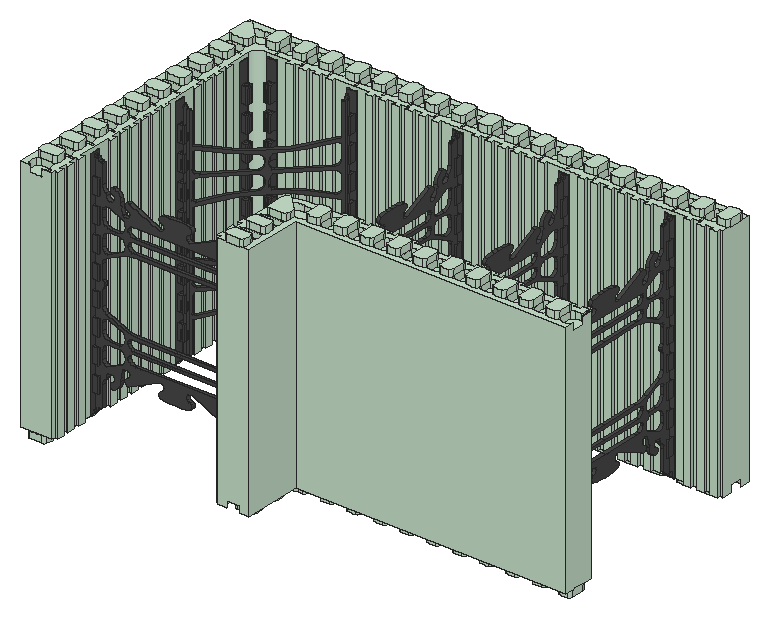
Revit family (continued)
Dimensions and locks (in)
  aligned and locked: cut or joined group of Extrusion 1, Extrusion 4, Extrusion 5, Extrusion 6, Extrusion 7, Extrusion 8, Extrusion 9, Extrusion 10, Extrusion 11, Extrusion 12, Extrusion 13, Extrusion 14, Extrusion 15, Extrusion 16, Extrusion 17, Extrusion 18, Extrusion 19, Extrusion 20, Extrusion 21, Extrusion 22, Extrusion 23, Extrusion 24, Extrusion 25, Extrusion 26, Extrusion 27, Extrusion 28, Extrusion 29, Extrusion 30, Extrusion 31, Extrusion 32, Extrusion 33, Extrusion 34, Extrusion 35, Extrusion 36, Extrusion 37, Extrusion 38, Extrusion 39, Extrusion 40, Extrusion 41, Extrusion 42, Extrusion 43, Extrusion 44, Extrusion 45, Extrusion 46, Extrusion 47, Extrusion 48, Extrusion 49, Extrusion 50, Extrusion 51, Extrusion 52, Extrusion 53, Extrusion 54, Extrusion 55, Extrusion 56, Extrusion 57, Extrusion 58, Extrusion 59, Extrusion 60, Extrusion 61, Extrusion 62, Extrusion 63, Extrusion 64, Extrusion 65, Extrusion 66, Extrusion 67, Extrusion 68, Extrusion 69, Extrusion 70, Extrusion 71, Extrusion 72, Extrusion 73, Extrusion 76, Extrusion 77, Extrusion 78, Extrusion 79, Extrusion 80, Extrusion 81, Extrusion 82, Extrusion 83, Extrusion 84, Extrusion 85, Extrusion 86, Extrusion 87 to nested 98
Nested families (in)
  nested 1: "Interlock Tooth" at (-3, -5, 0) x (0, -1, 0) z (0, 0, 1), type "Interlock Tooth"
  nested 2: "Interlock Tooth" at (-3, -3, 0) x (0, -1, 0) z (0, 0, 1), type "Interlock Tooth"
  nested 3: "Interlock Tooth" at (-3, -1, 0) x (0, -1, 0) z (0, 0, 1), type "Interlock Tooth"
  nested 4: "Interlock Tooth" at (-3, 1, 0) x (0, -1, 0) z (0, 0, 1), type "Interlock Tooth"
  nested 5: "Interlock Tooth" at (-3, 3, 0) x (0, -1, 0) z (0, 0, 1), type "Interlock Tooth"
  nested 6: "Interlock Tooth" at (-3, 5, 0) x (0, -1, 0) z (0, 0, 1), type "Interlock Tooth"
  nested 7: "Interlock Tooth" at (3, -12, 0) x (0, -1, 0) z (0, 0, 1), type "Interlock Tooth"
  nested 8: "Interlock Tooth" at (3, -10, 0) x (0, -1, 0) z (0, 0, 1), type "Interlock Tooth"
  nested 9: "Interlock Tooth" at (3, -11, -18.5) x (0, -1, 0) z (0, 0, 1), type "Interlock Tooth"
  nested 10: "Interlock Tooth" at (3, -9, -18.5) x (0, -1, 0) z (0, 0, 1), type "Interlock Tooth"
  nested 11: "Interlock Tooth" at (-11.875, -6, -18.5) x (0, -1, 0) z (0, 0, 1), type "Interlock Tooth"
  nested 12: "Interlock Tooth" at (-11.875, -4, -18.5) x (0, -1, 0) z (0, 0, 1), type "Interlock Tooth"
  nested 13: "Interlock Tooth" at (-11.875, -2, -18.5) x (0, -1, 0) z (0, 0, 1), type "Interlock Tooth"
  nested 14: "Interlock Tooth" at (-11.875, 0, -18.5) x (0, -1, 0) z (0, 0, 1), type "Interlock Tooth"
  nested 15: "Interlock Tooth" at (-11.875, 2, -18.5) x (0, -1, 0) z (0, 0, 1), type "Interlock Tooth"
  nested 16: "Interlock Tooth" at (-11.875, 4, -18.5) x (0, -1, 0) z (0, 0, 1), type "Interlock Tooth"
  nested 17: "Interlock Tooth" at (-11.875, 6, -18.5) x (0, -1, 0) z (0, 0, 1), type "Interlock Tooth"
  nested 18: "Interlock Tooth" at (9, -3, 0), type "Interlock Tooth"
  nested 19: "Interlock Tooth" at (11, -3, 0), type "Interlock Tooth"
  nested 20: "Interlock Tooth" at (13, -3, 0), type "Interlock Tooth"
  nested 21: "Interlock Tooth" at (15, -3, 0), type "Interlock Tooth"
  nested 22: "Interlock Tooth" at (17, -3, 0), type "Interlock Tooth"
  nested 23: "Interlock Tooth" at (19, -3, 0), type "Interlock Tooth"
  nested 24: "Interlock Tooth" at (21, -3, 0), type "Interlock Tooth"
  nested 25: "Interlock Tooth" at (23, -3, 0), type "Interlock Tooth"
  nested 26: "Interlock Tooth" at (25, -3, 0), type "Interlock Tooth"
  nested 27: "Interlock Tooth" at (27, -3, 0), type "Interlock Tooth"
  nested 28: "Interlock Tooth" at (-6, 3, 0), type "Interlock Tooth"
  nested 29: "Interlock Tooth" at (-4, 3, 0), type "Interlock Tooth"
  nested 30: "Interlock Tooth" at (-2, 3, 0), type "Interlock Tooth"
  nested 31: "Interlock Tooth" at (0, 3, 0), type "Interlock Tooth"
  nested 32: "Interlock Tooth" at (2, 3, 0), type "Interlock Tooth"
  nested 33: "Interlock Tooth" at (4, 3, 0), type "Interlock Tooth"
  nested 34: "Interlock Tooth" at (6, 3, 0), type "Interlock Tooth"
  nested 35: "Interlock Tooth" at (8, 3, 0), type "Interlock Tooth"
  nested 36: "Interlock Tooth" at (10, 3, 0), type "Interlock Tooth"
  nested 37: "Interlock Tooth" at (12, 3, 0), type "Interlock Tooth"
  nested 38: "Interlock Tooth" at (14, 3, 0), type "Interlock Tooth"
  nested 39: "Interlock Tooth" at (16, 3, 0), type "Interlock Tooth"
  nested 40: "Interlock Tooth" at (18, 3, 0), type "Interlock Tooth"
  nested 41: "Interlock Tooth" at (20, 3, 0), type "Interlock Tooth"
  nested 42: "Interlock Tooth" at (22, 3, 0), type "Interlock Tooth"
  nested 43: "Interlock Tooth" at (10, -11.875, -18.5), type "Interlock Tooth"
  nested 44: "Interlock Tooth" at (12, -11.875, -18.5), type "Interlock Tooth"
  nested 45: "Interlock Tooth" at (14, -11.875, -18.5), type "Interlock Tooth"
  nested 46: "Interlock Tooth" at (16, -11.875, -18.5), type "Interlock Tooth"
  nested 47: "Interlock Tooth" at (18, -11.875, -18.5), type "Interlock Tooth"
  nested 48: "Interlock Tooth" at (20, -11.875, -18.5), type "Interlock Tooth"
  nested 49: "Interlock Tooth" at (22, -11.875, -18.5), type "Interlock Tooth"
  nested 50: "Interlock Tooth" at (24, -11.875, -18.5), type "Interlock Tooth"
  nested 51: "Interlock Tooth" at (26, -11.875, -18.5), type "Interlock Tooth"
  nested 52: "Interlock Tooth" at (28, -11.875, -18.5), type "Interlock Tooth"
  nested 53: "Interlock Tooth" at (-5, 3, -18.5), type "Interlock Tooth"
  nested 54: "Interlock Tooth" at (-3, 3, -18.5), type "Interlock Tooth"
  nested 55: "Interlock Tooth" at (-1, 3, -18.5), type "Interlock Tooth"
  nested 56: "Interlock Tooth" at (1, 3, -18.5), type "Interlock Tooth"
  nested 57: "Interlock Tooth" at (3, 3, -18.5), type "Interlock Tooth"
  nested 58: "Interlock Tooth" at (5, 3, -18.5), type "Interlock Tooth"
  nested 59: "Interlock Tooth" at (7, 3, -18.5), type "Interlock Tooth"
  nested 60: "Interlock Tooth" at (9, 3, -18.5), type "Interlock Tooth"
  nested 61: "Interlock Tooth" at (11, 3, -18.5), type "Interlock Tooth"
  nested 62: "Interlock Tooth" at (13, 3, -18.5), type "Interlock Tooth"
  nested 63: "Interlock Tooth" at (15, 3, -18.5), type "Interlock Tooth"
  nested 64: "Interlock Tooth" at (17, 3, -18.5), type "Interlock Tooth"
  nested 65: "Interlock Tooth" at (19, 3, -18.5), type "Interlock Tooth"
  nested 66: "Interlock Tooth" at (21, 3, -18.5), type "Interlock Tooth"
  nested 67: "NUDURA Diamond Pattern" at (21, -3, 0), type "NUDURA Diamond Pattern"
  nested 68: "NUDURA Diamond Pattern" at (21, 14.25, 0), type "NUDURA Diamond Pattern"
  nested 69: "NUDURA Diamond Pattern" at (5, 14.25, 0), type "NUDURA Diamond Pattern"
  nested 70: "Capture Lug" at (-5, 3, 0) x (-1, 0, 0) z (0, 0, 1), type "Capture Lugs"
  nested 71: "Capture Lug" at (-3, 5, 0) x (0, -1, 0) z (0, 0, 1), type "Capture Lugs"
  nested 72: "NUDURA Diamond Pattern Missing Two lines" at (3, -13, 0) x (0, 1, 0) z (0, 0, 1), type "NUDURA Diamond Pattern minus Two lines"
  nested 73: "NUDURA Diamond Pattern Missing Left Line" at (5, -3, 0), type "NUDURA Diamond Pattern missing left line"
  nested 74: "NUDURA Logo Diamond" at (5.00256, -8.625, 0), type "NUDURA Logo Diamond"
  nested 75: "NUDURA Logo Diamond" at (-8.625, 2.99744, 0) x (0, -1, 0) z (0, 0, 1), type "NUDURA Logo Diamond"
  nested 76: "NUDURA Logo Diamond" at (29, 8.625, 0) x (-1, 0, 0) z (0, 0, 1), type "NUDURA Logo Diamond"
  nested 77: "Interlock Tooth" at (-3, -7, 0) x (0, -1, 0) z (0, 0, 1), type "Interlock Tooth"
  nested 78: "Interlock Tooth" at (24, 3, 0), type "Interlock Tooth"
  nested 79: "Interlock Tooth" at (23, 3, -18.5), type "Interlock Tooth"
  nested 80: "Interlock Tooth" at (-11.875, -8, -18.5) x (0, -1, 0) z (0, 0, 1), type "Interlock Tooth"
  nested 81: "NUDURA Diamond Pattern" at (-3, 3, 0) x (0, -1, 0) z (0, 0, 1), type "NUDURA Diamond Pattern"
  nested 82: "NUDURA Logo Diamond" at (12.99744, 8.625, 0) x (-1, 0, 0) z (0, 0, 1), type "NUDURA Logo Diamond"
  nested 83: "Interlock Tooth" at (-3, -9, 0) x (0, -1, 0) z (0, 0, 1), type "Interlock Tooth"
  nested 84: "Interlock Tooth" at (-11.875, -10, -18.5) x (0, -1, 0) z (0, 0, 1), type "Interlock Tooth"
  nested 85: "Interlock Tooth" at (26, 3, 0), type "Interlock Tooth"
  nested 86: "Interlock Tooth" at (25, 3, -18.5), type "Interlock Tooth"
  nested 87: "Interlock Tooth" at (-3, -11, 0) x (0, -1, 0) z (0, 0, 1), type "Interlock Tooth"
  nested 88: "Interlock Tooth" at (-11.875, -12, -18.5) x (0, -1, 0) z (0, 0, 1), type "Interlock Tooth"
  nested 89: "Interlock Tooth" at (28, 3, 0), type "Interlock Tooth"
  nested 90: "Interlock Tooth" at (27, 3, -18.5), type "Interlock Tooth"
  nested 91: "12-inch Insert Web" at (17, 0, 0), type "12-inch Insert Web"
  nested 92: "12-inch Insert Web" at (25, 0, 0), type "12-inch Insert Web"
  nested 93: "12-inch Insert Web" at (9, 0, 0), type "12-inch Insert Web"
  nested 94: "12-inch Insert Web" at (0, -9, 0) x (0, 1, 0) z (0, 0, 1), type "12-inch Insert Web"
  nested 95: "Capture Lug" at (1, 3, 0) x (-1, 0, 0) z (0, 0, 1), type "Capture Lugs"
  nested 96: "Capture Lug" at (-3, -1, 0) x (0, -1, 0) z (0, 0, 1), type "Capture Lugs"
  nested 97: "NUDURA Diamond Pattern Missing Two lines" at (-1, 3, 0) x (-1, 0, 0) z (0, 0, 1), type "NUDURA Diamond Pattern minus Two lines"
  nested 98: "NUDURA Diamond Pattern Missing Two lines" at (-14.25, 1, 0) x (0, 1, 0) z (0, 0, 1), type "NUDURA Diamond Pattern minus Two lines"
  nested 99: "NUDURA 12-inch Corner Insert Web" at (-2.21678, 2.21769, 0.5) x (-0.7071, 0.7071, 0) z (0, 0, 1), type "NUDURA 12-inch Corner Insert Web"
Definition of nested family "Interlock Tooth"
  Reference planes (in)
    plane 1 "Center (Front/Back)": y = 0
    plane 2: z = 0
    plane 3 "Center (Left/Right)": x = 0
    plane 4: z = 18
    plane 5: z = 18.5
    plane 6: z = -0.5
  Forms (in)
    Extrusion 1, solid, material "NUDURA Expanded Polystyrene Foam Insulation"
      sketch origin (0, -8.875, 0) x (1, 0, 0) y (0, 1, 0)
        loop
          arc (0, 3.97692) -> (0.04785, 3.82983) -> (0.17308, 3.73905) r 0.25
          arc (0.17308, 3.73905) -> (0.5, 3.6875) -> (0.82692, 3.73905) r 1.0625
          arc (0.82692, 3.73905) -> (0.95215, 3.82983) -> (1, 3.97692) r 0.25
          line (1, 3.97692) -> (1, 4.89808)
          arc (1, 4.89808) -> (0.95215, 5.04517) -> (0.82692, 5.13595) r 0.25
          arc (0.82692, 5.13595) -> (0.5, 5.1875) -> (0.17308, 5.13595) r 1.0625
          arc (0.17308, 5.13595) -> (0.04785, 5.04517) -> (0, 4.89808) r 0.25
          line (0, 4.89808) -> (0, 3.97692)
      from 18 to 18.5
  Dimensions and locks (in)
    locked: plane 4 to level at 18
    locked: plane 4 to plane 5 at 0.5
    locked: plane 6 to level at 0.5
Definition of nested family "Capture Lug"
  Reference planes (in)
    plane 1 "Center (Front/Back)": y = 0
    plane 2: z = 0
    plane 3 "Center (Left/Right)": x = 0
  Forms (in)
    Extrusion 1, solid, material "High Density Polystyrene"
      sketch origin (0, 0, 0) x (0, 1, 0) y (0, 0, 1)
        loop
          arc (-3.25, 0) -> (-3.22112, 0.01975) -> (-3.21, 0.05292) r 0.055
          line (-3.21, 0.05292) -> (-3.21, 17.69292)
          arc (-3.21, 17.69292) -> (-3.22112, 17.72608) -> (-3.25, 17.74583) r 0.055
          line (-3.25, 17.74583) -> (-3.25, 0)
      from 0.36328 to -0.36328
    Extrusion 2, solid, material "High Density Polystyrene"
      sketch origin (0, 0, 0) x (0, 1, 0) y (0, 0, 1)
        loop
          line (-3.21, 16.17792) -> (-3.21, 14.97792) -> (-2.71, 14.97792) -> (-2.71, 16.17792) -> (-3.21, 16.17792)
        loop
          line (-3.21, 14.22792) -> (-3.21, 13.02792) -> (-2.71, 13.02792) -> (-2.71, 14.22792) -> (-3.21, 14.22792)
        loop
          line (-3.21, 12.27792) -> (-3.21, 11.07792) -> (-2.71, 11.07792) -> (-2.71, 12.27792) -> (-3.21, 12.27792)
        loop
          line (-3.21, 10.32792) -> (-3.21, 9.24792) -> (-2.71, 9.24792) -> (-2.71, 10.32792) -> (-3.21, 10.32792)
        loop
          line (-3.21, 8.49792) -> (-3.21, 7.41792) -> (-2.71, 7.41792) -> (-2.71, 8.49792) -> (-3.21, 8.49792)
        loop
          line (-3.21, 6.66792) -> (-3.21, 5.46792) -> (-2.71, 5.46792) -> (-2.71, 6.66792) -> (-3.21, 6.66792)
        loop
          line (-3.21, 4.71792) -> (-3.21, 3.51792) -> (-2.71, 3.51792) -> (-2.71, 4.71792) -> (-3.21, 4.71792)
        loop
          line (-3.21, 2.76792) -> (-3.21, 1.56792) -> (-2.71, 1.56792) -> (-2.71, 2.76792) -> (-3.21, 2.76792)
      from 0.25 to -0.25
    Extrusion 3, void
      sketch origin (0, 0, 0) x (1, 0, 0) y (0, 1, 0)
        loop
          arc (-0.25, -2.79249) -> (-0.22584, -2.73416) -> (-0.1675, -2.71) r 0.0825
          line (-0.1675, -2.71) -> (-0.25, -2.71) -> (-0.25, -2.79249)
      from 0 to 18
    Extrusion 4, void
      sketch origin (0, 0, 0) x (-1, 0, 0) y (0, -1, 0)
        loop
          line (-0.25, 2.79249) -> (-0.25, 2.71) -> (-0.1675, 2.71)
          arc (-0.1675, 2.71) -> (-0.22584, 2.73416) -> (-0.25, 2.79249) r 0.0825
      from 0 to 18
    Extrusion 5, void
      sketch origin (0, 0, 0) x (1, 0, 0) y (0, 1, 0)
        loop
          arc (-0.04687, -2.835) -> (0, -3.07587) -> (0.04688, -2.835) r 0.125
          line (0.04688, -2.835) -> (0.04688, -2.71) -> (-0.04687, -2.71) -> (-0.04687, -2.835)
      from 0 to 18
  Cuts and joins
    Extrusion 3, Extrusion 4 cuts Extrusion 1
    Extrusion 3, Extrusion 4, Extrusion 5 cuts Extrusion 2
Definition of nested family "12-inch Insert Web"
  Reference planes (in)
    plane 1 "Center (Front/Back)": y = 0
    plane 2: z = 0
    plane 3 "Center (Left/Right)": x = 0
  Forms (in)
    Extrusion 1, solid, material "High Density Polystyrene"
      sketch origin (0, 0, 0) x (0, 1, 0) y (0, 0, 1)
        loop
          line (6.25, 0) -> (6.25, 17.74583)
          arc (6.25, 17.74583) -> (6.22112, 17.72608) -> (6.21, 17.69292) r 0.055
          line (6.21, 17.69292) -> (6.21, 0.05292)
          arc (6.21, 0.05292) -> (6.22112, 0.01975) -> (6.25, 0) r 0.055
        loop
          arc (-6.25, 0) -> (-6.22112, 0.01975) -> (-6.21, 0.05292) r 0.055
          line (-6.21, 0.05292) -> (-6.21, 17.69292)
          arc (-6.21, 17.69292) -> (-6.22112, 17.72608) -> (-6.25, 17.74583) r 0.055
          line (-6.25, 17.74583) -> (-6.25, 0)
      from 0.36328 to -0.36328
    Extrusion 2, solid, material "High Density Polystyrene"
      sketch origin (0, 0, 0) x (0, 1, 0) y (0, 0, 1)
        loop
          arc (6.18889, 17.40785) -> (6.20374, 17.40241) -> (6.21, 17.38789) r 0.02
          line (6.21, 17.38789) -> (6.21, 17.63668)
          arc (6.21, 17.63668) -> (6.20585, 17.62147) -> (6.19457, 17.61045) r 0.03
          line (6.19457, 17.61045) -> (6.12543, 17.57204)
          arc (6.12543, 17.57204) -> (6.11414, 17.56103) -> (6.11, 17.54582) r 0.03
          line (6.11, 17.54582) -> (6.11, 17.42461)
          arc (6.11, 17.42461) -> (6.11625, 17.41008) -> (6.13111, 17.40464) r 0.02
          line (6.13111, 17.40464) -> (6.18889, 17.40785)
        loop
          line (-6.12543, 17.57204) -> (-6.19457, 17.61045)
          arc (-6.19457, 17.61045) -> (-6.20585, 17.62147) -> (-6.21, 17.63668) r 0.03
          line (-6.21, 17.63668) -> (-6.21, 17.38789)
          arc (-6.21, 17.38789) -> (-6.20374, 17.40241) -> (-6.18889, 17.40785) r 0.02
          line (-6.18889, 17.40785) -> (-6.13111, 17.40464)
          arc (-6.13111, 17.40464) -> (-6.11625, 17.41008) -> (-6.11, 17.42461) r 0.02
          line (-6.11, 17.42461) -> (-6.11, 17.54582)
          arc (-6.11, 17.54582) -> (-6.11414, 17.56103) -> (-6.12543, 17.57204) r 0.03
        loop
          line (6.18889, 0.33798) -> (6.13111, 0.34119)
          arc (6.13111, 0.34119) -> (6.11625, 0.33575) -> (6.11, 0.32122) r 0.02
          line (6.11, 0.32122) -> (6.11, 0.20001)
          arc (6.11, 0.20001) -> (6.11414, 0.1848) -> (6.12543, 0.17379) r 0.03
          line (6.12543, 0.17379) -> (6.19457, 0.13538)
          arc (6.19457, 0.13538) -> (6.20585, 0.12437) -> (6.21, 0.10915) r 0.03
          line (6.21, 0.10915) -> (6.21, 0.35795)
          arc (6.21, 0.35795) -> (6.20374, 0.34342) -> (6.18889, 0.33798) r 0.02
        loop
          arc (-6.12543, 0.17379) -> (-6.11414, 0.1848) -> (-6.11, 0.20001) r 0.03
          line (-6.11, 0.20001) -> (-6.11, 0.32122)
          arc (-6.11, 0.32122) -> (-6.11625, 0.33575) -> (-6.13111, 0.34119) r 0.02
          line (-6.13111, 0.34119) -> (-6.18889, 0.33798)
          arc (-6.18889, 0.33798) -> (-6.20374, 0.34342) -> (-6.21, 0.35795) r 0.02
          line (-6.21, 0.35795) -> (-6.21, 0.10915)
          arc (-6.21, 0.10915) -> (-6.20585, 0.12437) -> (-6.19457, 0.13538) r 0.03
          line (-6.19457, 0.13538) -> (-6.12543, 0.17379)
        loop
          line (6, 17.20772) -> (5.925, 17.43772)
          arc (5.925, 17.43772) -> (5.875, 17.46772) -> (5.825, 17.43772) r 0.05667
          line (5.825, 17.43772) -> (5.77609, 17.28772) -> (5.64893, 17.28772)
          arc (5.64893, 17.28772) -> (5.61433, 17.27339) -> (5.6, 17.2388) r 0.04893
          line (5.6, 17.2388) -> (5.6, 17.20772) -> (5.5, 17.20772) -> (5.5, 15.75595)
          arc (5.5, 15.75595) -> (5.43087, 15.489) -> (5.24086, 15.28915) r 0.55
          arc (5.24086, 15.28915) -> (5.19232, 15.23289) -> (5.1843, 15.15901) r 0.125
          arc (5.1843, 15.15901) -> (4.73923, 14.83241) -> (4.77171, 15.3835) r 0.305
          arc (4.77171, 15.3835) -> (4.89426, 15.66948) -> (4.60829, 15.79202) r 0.22
          arc (4.60829, 15.79202) -> (4.25428, 15.49683) -> (4.14171, 15.04986) r 0.745
          arc (4.14171, 15.04986) -> (4.09808, 14.63491) -> (3.96932, 14.23805) r 2
          arc (3.96932, 14.23805) -> (3.47025, 14.23431) -> (3.63581, 14.70513) r 0.305
          arc (3.63581, 14.70513) -> (3.78874, 15.03658) -> (3.43743, 15.1357) r 0.24
          line (3.43743, 15.1357) -> (1.31021, 14.13634)
          arc (1.31021, 14.13634) -> (0.87667, 14.28198) -> (1.07505, 14.69406) r 0.305
          arc (1.07505, 14.69406) -> (1.24991, 14.91838) -> (1.08783, 15.15211) r 0.24
          arc (1.08783, 15.15211) -> (0.76801, 15.23299) -> (0.43924, 15.2602) r 2
          line (0.43924, 15.2602) -> (0, 15.2602) -> (-0.43924, 15.2602)
          arc (-0.43924, 15.2602) -> (-0.76801, 15.23299) -> (-1.08783, 15.15211) r 2
          arc (-1.08783, 15.15211) -> (-1.24991, 14.91838) -> (-1.07505, 14.69406) r 0.24
          arc (-1.07505, 14.69406) -> (-0.87667, 14.28198) -> (-1.31021, 14.13634) r 0.305
          line (-1.31021, 14.13634) -> (-3.43743, 15.1357)
          arc (-3.43743, 15.1357) -> (-3.78874, 15.03658) -> (-3.63581, 14.70513) r 0.24
          arc (-3.63581, 14.70513) -> (-3.47025, 14.23431) -> (-3.96932, 14.23805) r 0.305
          arc (-3.96932, 14.23805) -> (-4.09808, 14.63491) -> (-4.14171, 15.04986) r 2
          arc (-4.14171, 15.04986) -> (-4.25428, 15.49683) -> (-4.60829, 15.79202) r 0.745
          arc (-4.60829, 15.79202) -> (-4.89426, 15.66948) -> (-4.77171, 15.3835) r 0.22
          arc (-4.77171, 15.3835) -> (-4.73923, 14.83241) -> (-5.1843, 15.15901) r 0.305
          arc (-5.1843, 15.15901) -> (-5.19232, 15.23289) -> (-5.24086, 15.28915) r 0.125
          arc (-5.24086, 15.28915) -> (-5.43087, 15.489) -> (-5.5, 15.75595) r 0.55
          line (-5.5, 15.75595) -> (-5.5, 17.20772) -> (-5.6, 17.20772) -> (-5.6, 17.2388)
          arc (-5.6, 17.2388) -> (-5.61433, 17.27339) -> (-5.64893, 17.28772) r 0.04893
          line (-5.64893, 17.28772) -> (-5.77609, 17.28772) -> (-5.825, 17.43772)
          arc (-5.825, 17.43772) -> (-5.875, 17.46772) -> (-5.925, 17.43772) r 0.05667
          line (-5.925, 17.43772) -> (-6, 17.20772) -> (-6, 0.66519) -> (-5.925, 0.43519)
          arc (-5.925, 0.43519) -> (-5.875, 0.40519) -> (-5.825, 0.43519) r 0.05667
          line (-5.825, 0.43519) -> (-5.77609, 0.58519) -> (-5.64893, 0.58519)
          arc (-5.64893, 0.58519) -> (-5.61433, 0.59952) -> (-5.6, 0.63412) r 0.04893
          line (-5.6, 0.63412) -> (-5.6, 0.66519) -> (-5.5, 0.66519) -> (-5.5, 2.24405)
          arc (-5.5, 2.24405) -> (-5.43087, 2.511) -> (-5.24086, 2.71085) r 0.55
          arc (-5.24086, 2.71085) -> (-5.19232, 2.76711) -> (-5.1843, 2.84099) r 0.125
          arc (-5.1843, 2.84099) -> (-4.73923, 3.16759) -> (-4.77171, 2.6165) r 0.305
          arc (-4.77171, 2.6165) -> (-4.89426, 2.33052) -> (-4.60829, 2.20798) r 0.22
          arc (-4.60829, 2.20798) -> (-4.25428, 2.50317) -> (-4.14171, 2.95014) r 0.745
          arc (-4.14171, 2.95014) -> (-4.09808, 3.36509) -> (-3.96932, 3.76195) r 2
          arc (-3.96932, 3.76195) -> (-3.47025, 3.76569) -> (-3.63581, 3.29487) r 0.305
          arc (-3.63581, 3.29487) -> (-3.78874, 2.96342) -> (-3.43743, 2.8643) r 0.24
          line (-3.43743, 2.8643) -> (-1.31021, 3.86366)
          arc (-1.31021, 3.86366) -> (-0.87667, 3.71802) -> (-1.07505, 3.30594) r 0.305
          arc (-1.07505, 3.30594) -> (-1.24991, 3.08162) -> (-1.08783, 2.84789) r 0.24
          arc (-1.08783, 2.84789) -> (-0.76801, 2.76701) -> (-0.43924, 2.7398) r 2
          line (-0.43924, 2.7398) -> (0, 2.7398) -> (0.43924, 2.7398)
          arc (0.43924, 2.7398) -> (0.76801, 2.76701) -> (1.08783, 2.84789) r 2
          arc (1.08783, 2.84789) -> (1.24991, 3.08162) -> (1.07505, 3.30594) r 0.24
          arc (1.07505, 3.30594) -> (0.87667, 3.71802) -> (1.31021, 3.86366) r 0.305
          line (1.31021, 3.86366) -> (3.43743, 2.8643)
          arc (3.43743, 2.8643) -> (3.78874, 2.96342) -> (3.63581, 3.29487) r 0.24
          arc (3.63581, 3.29487) -> (3.47025, 3.76569) -> (3.96932, 3.76195) r 0.305
          arc (3.96932, 3.76195) -> (4.09808, 3.36509) -> (4.14171, 2.95014) r 2
          arc (4.14171, 2.95014) -> (4.25428, 2.50317) -> (4.60829, 2.20798) r 0.745
          arc (4.60829, 2.20798) -> (4.89426, 2.33052) -> (4.77171, 2.6165) r 0.22
          arc (4.77171, 2.6165) -> (4.73923, 3.16759) -> (5.1843, 2.84099) r 0.305
          arc (5.1843, 2.84099) -> (5.19232, 2.76711) -> (5.24086, 2.71085) r 0.125
          arc (5.24086, 2.71085) -> (5.43087, 2.511) -> (5.5, 2.24405) r 0.55
          line (5.5, 2.24405) -> (5.5, 0.66519) -> (5.6, 0.66519) -> (5.6, 0.63412)
          arc (5.6, 0.63412) -> (5.61433, 0.59952) -> (5.64893, 0.58519) r 0.04893
          line (5.64893, 0.58519) -> (5.77609, 0.58519) -> (5.825, 0.43519)
          arc (5.825, 0.43519) -> (5.875, 0.40519) -> (5.925, 0.43519) r 0.05667
          line (5.925, 0.43519) -> (6, 0.66519) -> (6, 17.20772)
        loop
          arc (3.02319, 4.29202) -> (3.16251, 4.2877) -> (3.3013, 4.27477) r 2.25
          arc (3.3013, 4.27477) -> (3.48148, 4.41353) -> (3.6, 4.60763) r 0.62421
          line (3.6, 4.60763) -> (3.6, 4.73363)
          arc (3.6, 4.73363) -> (3.4551, 4.96314) -> (3.22579, 5.10835) r 0.61747
          line (3.22579, 5.10835) -> (0, 5.10835) -> (-3.22579, 5.10835)
          arc (-3.22579, 5.10835) -> (-3.4551, 4.96314) -> (-3.6, 4.73363) r 0.61747
          line (-3.6, 4.73363) -> (-3.6, 4.60763)
          arc (-3.6, 4.60763) -> (-3.48148, 4.41353) -> (-3.3013, 4.27477) r 0.62421
          arc (-3.3013, 4.27477) -> (-3.16251, 4.2877) -> (-3.02319, 4.29202) r 2.25
          line (-3.02319, 4.29202) -> (0, 4.29202) -> (3.02319, 4.29202)
        loop
          line (4.08806, 4.02826) -> (4.96605, 3.61736)
          arc (4.96605, 3.61736) -> (5.32627, 3.64059) -> (5.5, 3.95701) r 0.375
          line (5.5, 3.95701) -> (5.5, 4.48373)
          arc (5.5, 4.48373) -> (5.31694, 4.92567) -> (4.875, 5.10873) r 0.625
          line (4.875, 5.10873) -> (4.3, 5.10873)
          arc (4.3, 5.10873) -> (3.94645, 4.96229) -> (3.8, 4.60873) r 0.5
          line (3.8, 4.60873) -> (3.8, 4.48112)
          arc (3.8, 4.48112) -> (3.87812, 4.21276) -> (4.08806, 4.02826) r 0.5
        loop
          line (5.5, 5.91373) -> (5.5, 6.44046)
          arc (5.5, 6.44046) -> (5.32627, 6.75687) -> (4.96605, 6.78011) r 0.375
          line (4.96605, 6.78011) -> (4.08806, 6.36921)
          arc (4.08806, 6.36921) -> (3.87812, 6.18471) -> (3.8, 5.91635) r 0.5
          line (3.8, 5.91635) -> (3.8, 5.78873)
          arc (3.8, 5.78873) -> (3.94645, 5.43518) -> (4.3, 5.28873) r 0.5
          line (4.3, 5.28873) -> (4.875, 5.28873)
          arc (4.875, 5.28873) -> (5.31694, 5.47179) -> (5.5, 5.91373) r 0.625
        loop
          arc (3.30123, 6.1222) -> (3.16288, 6.10935) -> (3.02401, 6.10506) r 2.25
          line (3.02401, 6.10506) -> (0, 6.10506) -> (-3.02401, 6.10506)
          arc (-3.02401, 6.10506) -> (-3.16288, 6.10935) -> (-3.30123, 6.1222) r 2.25
          arc (-3.30123, 6.1222) -> (-3.48146, 5.98344) -> (-3.6, 5.7893) r 0.62421
          line (-3.6, 5.7893) -> (-3.6, 5.66335)
          arc (-3.6, 5.66335) -> (-3.45481, 5.43354) -> (-3.225, 5.28835) r 0.61747
          line (-3.225, 5.28835) -> (0, 5.28835) -> (3.225, 5.28835)
          arc (3.225, 5.28835) -> (3.45481, 5.43354) -> (3.6, 5.66335) r 0.61747
          line (3.6, 5.66335) -> (3.6, 5.7893)
          arc (3.6, 5.7893) -> (3.48146, 5.98344) -> (3.30123, 6.1222) r 0.62421
        loop
          arc (-4.08806, 4.02826) -> (-3.87812, 4.21276) -> (-3.8, 4.48112) r 0.5
          line (-3.8, 4.48112) -> (-3.8, 4.60873)
          arc (-3.8, 4.60873) -> (-3.94645, 4.96229) -> (-4.3, 5.10873) r 0.5
          line (-4.3, 5.10873) -> (-4.875, 5.10873)
          arc (-4.875, 5.10873) -> (-5.31694, 4.92567) -> (-5.5, 4.48373) r 0.625
          line (-5.5, 4.48373) -> (-5.5, 3.95701)
          arc (-5.5, 3.95701) -> (-5.32627, 3.64059) -> (-4.96605, 3.61736) r 0.375
          line (-4.96605, 3.61736) -> (-4.08806, 4.02826)
        loop
          arc (-5.5, 5.91373) -> (-5.31694, 5.47179) -> (-4.875, 5.28873) r 0.625
          line (-4.875, 5.28873) -> (-4.3, 5.28873)
          arc (-4.3, 5.28873) -> (-3.94645, 5.43518) -> (-3.8, 5.78873) r 0.5
          line (-3.8, 5.78873) -> (-3.8, 5.91635)
          arc (-3.8, 5.91635) -> (-3.87812, 6.18471) -> (-4.08806, 6.36921) r 0.5
          line (-4.08806, 6.36921) -> (-4.96605, 6.78011)
          arc (-4.96605, 6.78011) -> (-5.32627, 6.75687) -> (-5.5, 6.44046) r 0.375
          line (-5.5, 6.44046) -> (-5.5, 5.91373)
        loop
          line (5.5, 7.54678) -> (5.5, 8.68765) -> (5.38, 8.88765) -> (5.38, 9) -> (5.38, 9.11235) -> (5.5, 9.31235) -> (5.5, 10.45322)
          arc (5.5, 10.45322) -> (5.42188, 10.72158) -> (5.21194, 10.90608) r 0.5
          line (5.21194, 10.90608) -> (3.95372, 11.49492)
          arc (3.95372, 11.49492) -> (3.48851, 11.65338) -> (3, 11.70705) r 2.25
          line (3, 11.70705) -> (0, 11.70705) -> (-3, 11.70705)
          arc (-3, 11.70705) -> (-3.48851, 11.65338) -> (-3.95372, 11.49492) r 2.25
          line (-3.95372, 11.49492) -> (-5.21194, 10.90608)
          arc (-5.21194, 10.90608) -> (-5.42188, 10.72158) -> (-5.5, 10.45322) r 0.5
          line (-5.5, 10.45322) -> (-5.5, 9.31235) -> (-5.38, 9.11235) -> (-5.38, 9) -> (-5.38, 8.88765) -> (-5.5, 8.68765) -> (-5.5, 7.54678)
          arc (-5.5, 7.54678) -> (-5.42188, 7.27842) -> (-5.21194, 7.09392) r 0.5
          line (-5.21194, 7.09392) -> (-3.95372, 6.50508)
          arc (-3.95372, 6.50508) -> (-3.48851, 6.34662) -> (-3, 6.29295) r 2.25
          line (-3, 6.29295) -> (0, 6.29295) -> (3, 6.29295)
          arc (3, 6.29295) -> (3.48851, 6.34662) -> (3.95372, 6.50508) r 2.25
          line (3.95372, 6.50508) -> (5.21194, 7.09392)
          arc (5.21194, 7.09392) -> (5.42188, 7.27842) -> (5.5, 7.54678) r 0.5
        loop
          line (3.02319, 13.70798) -> (0, 13.70798) -> (-3.02319, 13.70798)
          arc (-3.02319, 13.70798) -> (-3.16251, 13.7123) -> (-3.3013, 13.72523) r 2.25
          arc (-3.3013, 13.72523) -> (-3.48148, 13.58647) -> (-3.6, 13.39237) r 0.62421
          line (-3.6, 13.39237) -> (-3.6, 13.26637)
          arc (-3.6, 13.26637) -> (-3.4551, 13.03686) -> (-3.22579, 12.89165) r 0.61747
          line (-3.22579, 12.89165) -> (0, 12.89165) -> (3.22579, 12.89165)
          arc (3.22579, 12.89165) -> (3.4551, 13.03686) -> (3.6, 13.26637) r 0.61747
          line (3.6, 13.26637) -> (3.6, 13.39237)
          arc (3.6, 13.39237) -> (3.48148, 13.58647) -> (3.3013, 13.72523) r 0.62421
          arc (3.3013, 13.72523) -> (3.16251, 13.7123) -> (3.02319, 13.70798) r 2.25
        loop
          arc (4.08806, 13.97174) -> (3.87812, 13.78724) -> (3.8, 13.51888) r 0.5
          line (3.8, 13.51888) -> (3.8, 13.39127)
          arc (3.8, 13.39127) -> (3.94645, 13.03771) -> (4.3, 12.89127) r 0.5
          line (4.3, 12.89127) -> (4.875, 12.89127)
          arc (4.875, 12.89127) -> (5.31694, 13.07433) -> (5.5, 13.51627) r 0.625
          line (5.5, 13.51627) -> (5.5, 14.04299)
          arc (5.5, 14.04299) -> (5.32627, 14.35941) -> (4.96605, 14.38264) r 0.375
          line (4.96605, 14.38264) -> (4.08806, 13.97174)
        loop
          arc (5.5, 12.08627) -> (5.31694, 12.52821) -> (4.875, 12.71127) r 0.625
          line (4.875, 12.71127) -> (4.3, 12.71127)
          arc (4.3, 12.71127) -> (3.94645, 12.56482) -> (3.8, 12.21127) r 0.5
          line (3.8, 12.21127) -> (3.8, 12.08365)
          arc (3.8, 12.08365) -> (3.87812, 11.81529) -> (4.08806, 11.63079) r 0.5
          line (4.08806, 11.63079) -> (4.96605, 11.21989)
          arc (4.96605, 11.21989) -> (5.32627, 11.24313) -> (5.5, 11.55954) r 0.375
          line (5.5, 11.55954) -> (5.5, 12.08627)
        loop
          arc (3.30123, 11.8778) -> (3.48146, 12.01656) -> (3.6, 12.2107) r 0.62421
          line (3.6, 12.2107) -> (3.6, 12.33665)
          arc (3.6, 12.33665) -> (3.45481, 12.56646) -> (3.225, 12.71165) r 0.61747
          line (3.225, 12.71165) -> (0, 12.71165) -> (-3.225, 12.71165)
          arc (-3.225, 12.71165) -> (-3.45481, 12.56646) -> (-3.6, 12.33665) r 0.61747
          line (-3.6, 12.33665) -> (-3.6, 12.2107)
          arc (-3.6, 12.2107) -> (-3.48146, 12.01656) -> (-3.30123, 11.8778) r 0.62421
          arc (-3.30123, 11.8778) -> (-3.16288, 11.89065) -> (-3.02401, 11.89494) r 2.25
          line (-3.02401, 11.89494) -> (0, 11.89494) -> (3.02401, 11.89494)
          arc (3.02401, 11.89494) -> (3.16288, 11.89065) -> (3.30123, 11.8778) r 2.25
        loop
          line (-4.08806, 13.97174) -> (-4.96605, 14.38264)
          arc (-4.96605, 14.38264) -> (-5.32627, 14.35941) -> (-5.5, 14.04299) r 0.375
          line (-5.5, 14.04299) -> (-5.5, 13.51627)
          arc (-5.5, 13.51627) -> (-5.31694, 13.07433) -> (-4.875, 12.89127) r 0.625
          line (-4.875, 12.89127) -> (-4.3, 12.89127)
          arc (-4.3, 12.89127) -> (-3.94645, 13.03771) -> (-3.8, 13.39127) r 0.5
          line (-3.8, 13.39127) -> (-3.8, 13.51888)
          arc (-3.8, 13.51888) -> (-3.87812, 13.78724) -> (-4.08806, 13.97174) r 0.5
        loop
          line (-5.5, 12.08627) -> (-5.5, 11.55954)
          arc (-5.5, 11.55954) -> (-5.32627, 11.24313) -> (-4.96605, 11.21989) r 0.375
          line (-4.96605, 11.21989) -> (-4.08806, 11.63079)
          arc (-4.08806, 11.63079) -> (-3.87812, 11.81529) -> (-3.8, 12.08365) r 0.5
          line (-3.8, 12.08365) -> (-3.8, 12.21127)
          arc (-3.8, 12.21127) -> (-3.94645, 12.56482) -> (-4.3, 12.71127) r 0.5
          line (-4.3, 12.71127) -> (-4.875, 12.71127)
          arc (-4.875, 12.71127) -> (-5.31694, 12.52821) -> (-5.5, 12.08627) r 0.625
      from 0.125 to -0.125
    Extrusion 3, solid, material "High Density Polystyrene"
      sketch origin (0, 0, 0) x (0, 1, 0) y (0, 0, 1)
        loop
          line (6.21, 16.17792) -> (5.71, 16.17792) -> (5.71, 14.97792) -> (6.21, 14.97792) -> (6.21, 16.17792)
        loop
          line (6.21, 14.22792) -> (5.71, 14.22792) -> (5.71, 13.02792) -> (6.21, 13.02792) -> (6.21, 14.22792)
        loop
          line (6.21, 12.27792) -> (5.71, 12.27792) -> (5.71, 11.07792) -> (6.21, 11.07792) -> (6.21, 12.27792)
        loop
          line (6.21, 10.32792) -> (5.71, 10.32792) -> (5.71, 9.24792) -> (6.21, 9.24792) -> (6.21, 10.32792)
        loop
          line (6.21, 8.49792) -> (5.71, 8.49792) -> (5.71, 7.41792) -> (6.21, 7.41792) -> (6.21, 8.49792)
        loop
          line (6.21, 6.66792) -> (5.71, 6.66792) -> (5.71, 5.46792) -> (6.21, 5.46792) -> (6.21, 6.66792)
        loop
          line (6.21, 4.71792) -> (5.71, 4.71792) -> (5.71, 3.51792) -> (6.21, 3.51792) -> (6.21, 4.71792)
        loop
          line (6.21, 2.76792) -> (5.71, 2.76792) -> (5.71, 1.56792) -> (6.21, 1.56792) -> (6.21, 2.76792)
        loop
          line (-6.21, 16.17792) -> (-6.21, 14.97792) -> (-5.71, 14.97792) -> (-5.71, 16.17792) -> (-6.21, 16.17792)
        loop
          line (-6.21, 14.22792) -> (-6.21, 13.02792) -> (-5.71, 13.02792) -> (-5.71, 14.22792) -> (-6.21, 14.22792)
        loop
          line (-6.21, 12.27792) -> (-6.21, 11.07792) -> (-5.71, 11.07792) -> (-5.71, 12.27792) -> (-6.21, 12.27792)
        loop
          line (-6.21, 10.32792) -> (-6.21, 9.24792) -> (-5.71, 9.24792) -> (-5.71, 10.32792) -> (-6.21, 10.32792)
        loop
          line (-6.21, 8.49792) -> (-6.21, 7.41792) -> (-5.71, 7.41792) -> (-5.71, 8.49792) -> (-6.21, 8.49792)
        loop
          line (-6.21, 6.66792) -> (-6.21, 5.46792) -> (-5.71, 5.46792) -> (-5.71, 6.66792) -> (-6.21, 6.66792)
        loop
          line (-6.21, 4.71792) -> (-6.21, 3.51792) -> (-5.71, 3.51792) -> (-5.71, 4.71792) -> (-6.21, 4.71792)
        loop
          line (-6.21, 2.76792) -> (-6.21, 1.56792) -> (-5.71, 1.56792) -> (-5.71, 2.76792) -> (-6.21, 2.76792)
      from 0.25 to -0.25
    Extrusion 4, void
      sketch origin (0, 3, 0) x (1, 0, 0) y (0, 1, 0)
        loop
          line (-0.25, 2.79249) -> (-0.25, 2.71) -> (-0.1675, 2.71)
          arc (-0.1675, 2.71) -> (-0.22584, 2.73416) -> (-0.25, 2.79249) r 0.0825
      from 0 to 18
    Extrusion 5, void
      sketch origin (0, 3, 0) x (-1, 0, 0) y (0, -1, 0)
        loop
          arc (-0.25, -2.79249) -> (-0.22584, -2.73416) -> (-0.1675, -2.71) r 0.0825
          line (-0.1675, -2.71) -> (-0.25, -2.71) -> (-0.25, -2.79249)
      from 0 to 18
    Extrusion 6, void
      sketch origin (0, -3, 0) x (1, 0, 0) y (0, 1, 0)
        loop
          arc (-0.25, -2.79249) -> (-0.22584, -2.73416) -> (-0.1675, -2.71) r 0.0825
          line (-0.1675, -2.71) -> (-0.25, -2.71) -> (-0.25, -2.79249)
      from 0 to 18
    Extrusion 7, void
      sketch origin (0, -3, 0) x (-1, 0, 0) y (0, -1, 0)
        loop
          line (-0.25, 2.79249) -> (-0.25, 2.71) -> (-0.1675, 2.71)
          arc (-0.1675, 2.71) -> (-0.22584, 2.73416) -> (-0.25, 2.79249) r 0.0825
      from 0 to 18
  Cuts and joins
    Extrusion 4, Extrusion 5, Extrusion 6, Extrusion 7 cuts Extrusion 1
    Extrusion 4, Extrusion 5, Extrusion 6, Extrusion 7 cuts Extrusion 3
Definition of nested family "NUDURA 12-inch Corner Insert Web"
  Reference planes (in)
    plane 1 "Center (Front/Back)": y = 0
    plane 2: z = 0
    plane 3 "Center (Left/Right)": x = 0
  Forms (in)
    Extrusion 1, solid, material "Polypropylene"
      sketch origin (0, 1.8125, 0.26) x (0, 1, 0) y (0, 0, 1)
        loop
          line (2.78125, 0) -> (2.78125, 16.54253) -> (2.65625, 16.54253) -> (2.65625, 14.16753)
          arc (2.65625, 14.16753) -> (-1.8125, 13.54253) -> (-6.28125, 14.16753) r 16.28828
          line (-6.28125, 14.16753) -> (-6.28125, 16.54253) -> (-6.40625, 16.54253) -> (-6.40625, 0) -> (-6.28125, 0) -> (-6.28125, 2.375)
          arc (-6.28125, 2.375) -> (-1.8125, 3) -> (2.65625, 2.375) r 16.28828
          line (2.65625, 2.375) -> (2.65625, 0) -> (2.78125, 0)
        loop
          arc (2.15625, 12.19878) -> (2.5098, 12.34523) -> (2.65625, 12.69878) r 0.5
          line (2.65625, 12.69878) -> (2.65625, 13.60177)
          arc (2.65625, 13.60177) -> (2.57085, 13.80795) -> (2.36467, 13.89336) r 0.29158
          arc (2.36467, 13.89336) -> (0.50349, 13.51862) -> (-1.38844, 13.36049) r 16.47578
          arc (-1.38844, 13.36049) -> (-1.75135, 12.77536) -> (-1.375, 12.19878) r 0.64125
          line (-1.375, 12.19878) -> (2.15625, 12.19878)
        loop
          arc (-6.28125, 10.60829) -> (-6.19585, 10.40211) -> (-5.98967, 10.31671) r 0.29158
          arc (-5.98967, 10.31671) -> (-4.12849, 10.69144) -> (-2.23656, 10.84958) r 16.47578
          arc (-2.23656, 10.84958) -> (-1.87365, 11.43471) -> (-2.25, 12.01128) r 0.64125
          line (-2.25, 12.01128) -> (-5.78125, 12.01128)
          arc (-5.78125, 12.01128) -> (-6.1348, 11.86484) -> (-6.28125, 11.51128) r 0.5
          line (-6.28125, 11.51128) -> (-6.28125, 10.60829)
        loop
          arc (-6.28125, 6.5) -> (-1.8125, 5.875) -> (2.65625, 6.5) r 16.28828
          line (2.65625, 6.5) -> (2.65625, 10.04253)
          arc (2.65625, 10.04253) -> (-1.8125, 10.66753) -> (-6.28125, 10.04253) r 16.28828
          line (-6.28125, 10.04253) -> (-6.28125, 6.5)
        loop
          line (2.15625, 12.01128) -> (-1.375, 12.01128)
          arc (-1.375, 12.01128) -> (-1.75135, 11.43471) -> (-1.38844, 10.84958) r 0.64125
          arc (-1.38844, 10.84958) -> (0.50349, 10.69144) -> (2.36467, 10.31671) r 16.47578
          arc (2.36467, 10.31671) -> (2.57085, 10.40211) -> (2.65625, 10.60829) r 0.29158
          line (2.65625, 10.60829) -> (2.65625, 11.51128)
          arc (2.65625, 11.51128) -> (2.5098, 11.86484) -> (2.15625, 12.01128) r 0.5
        loop
          line (-5.78125, 12.19878) -> (-2.25, 12.19878)
          arc (-2.25, 12.19878) -> (-1.87365, 12.77536) -> (-2.23656, 13.36049) r 0.64125
          arc (-2.23656, 13.36049) -> (-4.12849, 13.51862) -> (-5.98967, 13.89336) r 16.47578
          arc (-5.98967, 13.89336) -> (-6.19585, 13.80795) -> (-6.28125, 13.60177) r 0.29158
          line (-6.28125, 13.60177) -> (-6.28125, 12.69878)
          arc (-6.28125, 12.69878) -> (-6.1348, 12.34523) -> (-5.78125, 12.19878) r 0.5
        loop
          line (2.15625, 4.34375) -> (-1.375, 4.34375)
          arc (-1.375, 4.34375) -> (-1.75135, 3.76717) -> (-1.38844, 3.18204) r 0.64125
          arc (-1.38844, 3.18204) -> (0.50349, 3.02391) -> (2.36467, 2.64918) r 16.47578
          arc (2.36467, 2.64918) -> (2.57085, 2.73458) -> (2.65625, 2.94076) r 0.29158
          line (2.65625, 2.94076) -> (2.65625, 3.84375)
          arc (2.65625, 3.84375) -> (2.5098, 4.1973) -> (2.15625, 4.34375) r 0.5
        loop
          line (-6.28125, 5.93424) -> (-6.28125, 5.03125)
          arc (-6.28125, 5.03125) -> (-6.1348, 4.6777) -> (-5.78125, 4.53125) r 0.5
          line (-5.78125, 4.53125) -> (-2.25, 4.53125)
          arc (-2.25, 4.53125) -> (-1.87365, 5.10783) -> (-2.23656, 5.69296) r 0.64125
          arc (-2.23656, 5.69296) -> (-4.12849, 5.85109) -> (-5.98967, 6.22582) r 16.47578
          arc (-5.98967, 6.22582) -> (-6.19585, 6.14042) -> (-6.28125, 5.93424) r 0.29158
        loop
          arc (2.15625, 4.53125) -> (2.5098, 4.6777) -> (2.65625, 5.03125) r 0.5
          line (2.65625, 5.03125) -> (2.65625, 5.93424)
          arc (2.65625, 5.93424) -> (2.57085, 6.14042) -> (2.36467, 6.22582) r 0.29158
          arc (2.36467, 6.22582) -> (0.50349, 5.85109) -> (-1.38844, 5.69296) r 16.47578
          arc (-1.38844, 5.69296) -> (-1.75135, 5.10783) -> (-1.375, 4.53125) r 0.64125
          line (-1.375, 4.53125) -> (2.15625, 4.53125)
        loop
          arc (-5.78125, 4.34375) -> (-6.1348, 4.1973) -> (-6.28125, 3.84375) r 0.5
          line (-6.28125, 3.84375) -> (-6.28125, 2.94076)
          arc (-6.28125, 2.94076) -> (-6.19585, 2.73458) -> (-5.98967, 2.64918) r 0.29158
          arc (-5.98967, 2.64918) -> (-4.12849, 3.02391) -> (-2.23656, 3.18204) r 16.47578
          arc (-2.23656, 3.18204) -> (-1.87365, 3.76717) -> (-2.25, 4.34375) r 0.64125
          line (-2.25, 4.34375) -> (-5.78125, 4.34375)
      from -0.125 to 0.125
    Extrusion 2, solid, material "Polypropylene"
      sketch origin (0, -1.82664, 23.70793) x (0, 1, 0) y (0, 0, 1)
        loop
          line (-3.07961, -23.44793) -> (-3.00461, -23.67793)
          arc (-3.00461, -23.67793) -> (-2.95461, -23.70793) -> (-2.90461, -23.67793) r 0.05667
          line (-2.90461, -23.67793) -> (-2.82961, -23.44793) -> (-2.82961, -6.9054) -> (-2.90461, -6.6754)
          arc (-2.90461, -6.6754) -> (-2.95461, -6.6454) -> (-3.00461, -6.6754) r 0.05667
          line (-3.00461, -6.6754) -> (-3.07961, -6.9054) -> (-3.07961, -23.44793)
      from 0.14171 to 0.39171
    Extrusion 3, solid, material "Polypropylene"
      sketch origin (0, 7.73586, 23.70793) x (0, 1, 0) y (0, 0, 1)
        loop
          line (-3.07961, -23.44793) -> (-3.00461, -23.67793)
          arc (-3.00461, -23.67793) -> (-2.95461, -23.70793) -> (-2.90461, -23.67793) r 0.05667
          line (-2.90461, -23.67793) -> (-2.82961, -23.44793) -> (-2.82961, -6.9054) -> (-2.90461, -6.6754)
          arc (-2.90461, -6.6754) -> (-2.95461, -6.6454) -> (-3.00461, -6.6754) r 0.05667
          line (-3.00461, -6.6754) -> (-3.07961, -6.9054) -> (-3.07961, -23.44793)
      from 0.14171 to 0.39171
    Extrusion 4, solid, material "Polypropylene"
      sketch origin (0, -0.96875, 0) x (1, 0, 0) y (0, 1, 0)
        loop
          line (0.125, -3.50401) -> (0.125, -3.625) -> (0.09265, -3.625) -> (0.14171, -3.80849) -> (0.14171, -3.6875) -> (0.17406, -3.6875) -> (0.125, -3.50401)
      from 0.26 to 16.80253
    Extrusion 5, solid, material "Polypropylene"
      sketch origin (0, 0.96875, 0) x (1, 0, 0) y (0, 1, 0)
        loop
          line (0.125, 3.50401) -> (0.17406, 3.6875) -> (0.14171, 3.6875) -> (0.14171, 3.80849) -> (0.09265, 3.625) -> (0.125, 3.625) -> (0.125, 3.50401)
      from 0.26 to 16.80253
Definition of nested family "NUDURA Diamond Pattern"
  Reference planes (in)
    plane 1 "Center (Front/Back)": y = 0
    plane 2: z = 0
    plane 3 "Center (Left/Right)": x = 0
    plane 4: z = 18
  Lines and regions (in)
    model lines
      curve 1: line (8, -5.625, 18) -> (8, -5.625, 0)
      curve 2: line (6, -5.625, 18) -> (6, -5.625, 0)
      curve 3: line (2, -5.625, 18) -> (2, -5.625, 0)
      curve 4: line (3.35367, -5.625, 16.98484) -> (3.69709, -5.625, 16.64142)
      curve 5: arc (3.35367, -5.625, 17.51517) -> (3.24384, -5.625, 17.25) -> (3.35367, -5.625, 16.98484) r 0.375
      curve 6: line (3.72867, -5.625, 17.89017) -> (3.35367, -5.625, 17.51517)
      curve 7: arc (4.259, -5.625, 17.89017) -> (3.99384, -5.625, 18) -> (3.72867, -5.625, 17.89017) r 0.375
      curve 8: line (4.634, -5.625, 17.51517) -> (4.259, -5.625, 17.89017)
      curve 9: arc (4.634, -5.625, 16.98484) -> (4.74384, -5.625, 17.25) -> (4.634, -5.625, 17.51517) r 0.375
      curve 10: line (4.29059, -5.625, 16.64142) -> (4.634, -5.625, 16.98484)
      curve 11: arc (4.17062, -5.625, 17.80178) -> (3.99384, -5.625, 17.875) -> (3.81706, -5.625, 17.80178) r 0.25
      curve 12: line (4.54562, -5.625, 17.42678) -> (4.17062, -5.625, 17.80178)
      curve 13: arc (4.54562, -5.625, 17.07322) -> (4.61884, -5.625, 17.25) -> (4.54562, -5.625, 17.42678) r 0.25
      curve 14: line (4.17062, -5.625, 16.69822) -> (4.54562, -5.625, 17.07322)
      curve 15: arc (3.81706, -5.625, 16.69822) -> (3.99384, -5.625, 16.625) -> (4.17062, -5.625, 16.69822) r 0.25
      curve 16: line (3.44206, -5.625, 17.07322) -> (3.81706, -5.625, 16.69822)
      curve 17: arc (3.44206, -5.625, 17.42678) -> (3.36884, -5.625, 17.25) -> (3.44206, -5.625, 17.07322) r 0.25
      curve 18: line (3.81706, -5.625, 17.80178) -> (3.44206, -5.625, 17.42678)
      curve 19: arc (3.69709, -5.625, 16.35858) -> (3.75567, -5.625, 16.5) -> (3.69709, -5.625, 16.64142) r 0.2
      curve 20: line (4.634, -5.625, 16.01517) -> (4.29059, -5.625, 16.35858)
      curve 21: arc (4.634, -5.625, 15.48484) -> (4.74384, -5.625, 15.75) -> (4.634, -5.625, 16.01517) r 0.375
      curve 22: line (4.29059, -5.625, 15.14142) -> (4.634, -5.625, 15.48484)
      curve 23: line (3.35367, -5.625, 15.48484) -> (3.69709, -5.625, 15.14142)
      curve 24: arc (3.35367, -5.625, 16.01517) -> (3.24384, -5.625, 15.75) -> (3.35367, -5.625, 15.48484) r 0.375
      curve 25: line (3.69709, -5.625, 16.35858) -> (3.35367, -5.625, 16.01517)
      curve 26: arc (4.17062, -5.625, 16.30178) -> (3.99384, -5.625, 16.375) -> (3.81706, -5.625, 16.30178) r 0.25
      curve 27: line (3.81706, -5.625, 16.30178) -> (3.44206, -5.625, 15.92678)
      curve 28: arc (3.44206, -5.625, 15.92678) -> (3.36884, -5.625, 15.75) -> (3.44206, -5.625, 15.57322) r 0.25
      curve 29: line (3.44206, -5.625, 15.57322) -> (3.81706, -5.625, 15.19822)
      curve 30: arc (3.81706, -5.625, 15.19822) -> (3.99384, -5.625, 15.125) -> (4.17062, -5.625, 15.19822) r 0.25
      curve 31: line (4.17062, -5.625, 15.19822) -> (4.54562, -5.625, 15.57322)
      curve 32: arc (4.54562, -5.625, 15.57322) -> (4.61884, -5.625, 15.75) -> (4.54562, -5.625, 15.92678) r 0.25
      curve 33: line (4.54562, -5.625, 15.92678) -> (4.17062, -5.625, 16.30178)
      curve 34: arc (3.69709, -5.625, 14.85858) -> (3.75567, -5.625, 15) -> (3.69709, -5.625, 15.14142) r 0.2
      curve 35: line (4.634, -5.625, 14.51517) -> (4.29059, -5.625, 14.85858)
      curve 36: arc (4.634, -5.625, 13.98484) -> (4.74384, -5.625, 14.25) -> (4.634, -5.625, 14.51517) r 0.375
      curve 37: line (4.29059, -5.625, 13.64142) -> (4.634, -5.625, 13.98484)
      curve 38: line (3.35367, -5.625, 13.98484) -> (3.69709, -5.625, 13.64142)
      curve 39: arc (3.35367, -5.625, 14.51517) -> (3.24384, -5.625, 14.25) -> (3.35367, -5.625, 13.98484) r 0.375
      curve 40: line (3.69709, -5.625, 14.85858) -> (3.35367, -5.625, 14.51517)
      curve 41: arc (4.17062, -5.625, 14.80178) -> (3.99384, -5.625, 14.875) -> (3.81706, -5.625, 14.80178) r 0.25
      curve 42: line (3.81706, -5.625, 14.80178) -> (3.44206, -5.625, 14.42678)
      curve 43: arc (3.44206, -5.625, 14.42678) -> (3.36884, -5.625, 14.25) -> (3.44206, -5.625, 14.07322) r 0.25
      curve 44: line (3.44206, -5.625, 14.07322) -> (3.81706, -5.625, 13.69822)
      curve 45: arc (3.81706, -5.625, 13.69822) -> (3.99384, -5.625, 13.625) -> (4.17062, -5.625, 13.69822) r 0.25
      curve 46: line (4.17062, -5.625, 13.69822) -> (4.54562, -5.625, 14.07322)
      curve 47: arc (4.54562, -5.625, 14.07322) -> (4.61884, -5.625, 14.25) -> (4.54562, -5.625, 14.42678) r 0.25
      curve 48: line (4.54562, -5.625, 14.42678) -> (4.17062, -5.625, 14.80178)
      curve 49: arc (3.69709, -5.625, 13.35858) -> (3.75567, -5.625, 13.5) -> (3.69709, -5.625, 13.64142) r 0.2
      curve 50: line (4.634, -5.625, 13.01517) -> (4.29059, -5.625, 13.35858)
      curve 51: arc (4.634, -5.625, 12.48484) -> (4.74384, -5.625, 12.75) -> (4.634, -5.625, 13.01517) r 0.375
      curve 52: line (4.29059, -5.625, 12.14142) -> (4.634, -5.625, 12.48484)
      curve 53: line (3.35367, -5.625, 12.48484) -> (3.69709, -5.625, 12.14142)
      curve 54: arc (3.35367, -5.625, 13.01517) -> (3.24384, -5.625, 12.75) -> (3.35367, -5.625, 12.48484) r 0.375
      curve 55: line (3.69709, -5.625, 13.35858) -> (3.35367, -5.625, 13.01517)
      curve 56: arc (4.17062, -5.625, 13.30178) -> (3.99384, -5.625, 13.375) -> (3.81706, -5.625, 13.30178) r 0.25
      curve 57: line (3.81706, -5.625, 13.30178) -> (3.44206, -5.625, 12.92678)
      curve 58: arc (3.44206, -5.625, 12.92678) -> (3.36884, -5.625, 12.75) -> (3.44206, -5.625, 12.57322) r 0.25
      curve 59: line (3.44206, -5.625, 12.57322) -> (3.81706, -5.625, 12.19822)
      curve 60: arc (3.81706, -5.625, 12.19822) -> (3.99384, -5.625, 12.125) -> (4.17062, -5.625, 12.19822) r 0.25
      curve 61: line (4.17062, -5.625, 12.19822) -> (4.54562, -5.625, 12.57322)
      curve 62: arc (4.54562, -5.625, 12.57322) -> (4.61884, -5.625, 12.75) -> (4.54562, -5.625, 12.92678) r 0.25
      curve 63: line (4.54562, -5.625, 12.92678) -> (4.17062, -5.625, 13.30178)
      curve 64: arc (3.69709, -5.625, 11.85858) -> (3.75567, -5.625, 12) -> (3.69709, -5.625, 12.14142) r 0.2
      curve 65: line (4.634, -5.625, 11.51517) -> (4.29059, -5.625, 11.85858)
      curve 66: arc (4.634, -5.625, 10.98484) -> (4.74384, -5.625, 11.25) -> (4.634, -5.625, 11.51517) r 0.375
      curve 67: line (4.29059, -5.625, 10.64142) -> (4.634, -5.625, 10.98484)
      curve 68: line (3.35367, -5.625, 10.98484) -> (3.69709, -5.625, 10.64142)
      curve 69: arc (3.35367, -5.625, 11.51517) -> (3.24384, -5.625, 11.25) -> (3.35367, -5.625, 10.98484) r 0.375
      curve 70: line (3.69709, -5.625, 11.85858) -> (3.35367, -5.625, 11.51517)
      curve 71: arc (4.17062, -5.625, 11.80178) -> (3.99384, -5.625, 11.875) -> (3.81706, -5.625, 11.80178) r 0.25
      curve 72: line (3.81706, -5.625, 11.80178) -> (3.44206, -5.625, 11.42678)
      curve 73: arc (3.44206, -5.625, 11.42678) -> (3.36884, -5.625, 11.25) -> (3.44206, -5.625, 11.07322) r 0.25
      curve 74: line (3.44206, -5.625, 11.07322) -> (3.81706, -5.625, 10.69822)
      curve 75: arc (3.81706, -5.625, 10.69822) -> (3.99384, -5.625, 10.625) -> (4.17062, -5.625, 10.69822) r 0.25
      curve 76: line (4.17062, -5.625, 10.69822) -> (4.54562, -5.625, 11.07322)
      curve 77: arc (4.54562, -5.625, 11.07322) -> (4.61884, -5.625, 11.25) -> (4.54562, -5.625, 11.42678) r 0.25
      curve 78: line (4.54562, -5.625, 11.42678) -> (4.17062, -5.625, 11.80178)
      curve 79: arc (3.69709, -5.625, 10.35858) -> (3.75567, -5.625, 10.5) -> (3.69709, -5.625, 10.64142) r 0.2
      curve 80: line (4.634, -5.625, 10.01517) -> (4.29059, -5.625, 10.35858)
      curve 81: arc (4.634, -5.625, 9.48484) -> (4.74384, -5.625, 9.75) -> (4.634, -5.625, 10.01517) r 0.375
      curve 82: line (4.29059, -5.625, 9.14142) -> (4.634, -5.625, 9.48484)
      curve 83: line (3.35367, -5.625, 9.48484) -> (3.69709, -5.625, 9.14142)
      curve 84: arc (3.35367, -5.625, 10.01517) -> (3.24384, -5.625, 9.75) -> (3.35367, -5.625, 9.48484) r 0.375
      curve 85: line (3.69709, -5.625, 10.35858) -> (3.35367, -5.625, 10.01517)
      curve 86: arc (4.17062, -5.625, 10.30178) -> (3.99384, -5.625, 10.375) -> (3.81706, -5.625, 10.30178) r 0.25
      curve 87: line (3.81706, -5.625, 10.30178) -> (3.44206, -5.625, 9.92678)
      curve 88: arc (3.44206, -5.625, 9.92678) -> (3.36884, -5.625, 9.75) -> (3.44206, -5.625, 9.57322) r 0.25
      curve 89: line (3.44206, -5.625, 9.57322) -> (3.81706, -5.625, 9.19822)
      curve 90: arc (3.81706, -5.625, 9.19822) -> (3.99384, -5.625, 9.125) -> (4.17062, -5.625, 9.19822) r 0.25
      curve 91: line (4.17062, -5.625, 9.19822) -> (4.54562, -5.625, 9.57322)
      curve 92: arc (4.54562, -5.625, 9.57322) -> (4.61884, -5.625, 9.75) -> (4.54562, -5.625, 9.92678) r 0.25
      curve 93: line (4.54562, -5.625, 9.92678) -> (4.17062, -5.625, 10.30178)
      curve 94: arc (3.69709, -5.625, 8.85858) -> (3.75567, -5.625, 9) -> (3.69709, -5.625, 9.14142) r 0.2
      curve 95: line (4.634, -5.625, 8.51517) -> (4.29059, -5.625, 8.85858)
      curve 96: arc (4.634, -5.625, 7.98484) -> (4.74384, -5.625, 8.25) -> (4.634, -5.625, 8.51517) r 0.375
      curve 97: line (4.29059, -5.625, 7.64142) -> (4.634, -5.625, 7.98484)
      curve 98: line (3.35367, -5.625, 7.98484) -> (3.69709, -5.625, 7.64142)
      curve 99: arc (3.35367, -5.625, 8.51517) -> (3.24384, -5.625, 8.25) -> (3.35367, -5.625, 7.98484) r 0.375
      curve 100: line (3.69709, -5.625, 8.85858) -> (3.35367, -5.625, 8.51517)
      curve 101: arc (4.17062, -5.625, 8.80178) -> (3.99384, -5.625, 8.875) -> (3.81706, -5.625, 8.80178) r 0.25
      curve 102: line (3.81706, -5.625, 8.80178) -> (3.44206, -5.625, 8.42678)
      curve 103: arc (3.44206, -5.625, 8.42678) -> (3.36884, -5.625, 8.25) -> (3.44206, -5.625, 8.07322) r 0.25
      curve 104: line (3.44206, -5.625, 8.07322) -> (3.81706, -5.625, 7.69822)
      curve 105: arc (3.81706, -5.625, 7.69822) -> (3.99384, -5.625, 7.625) -> (4.17062, -5.625, 7.69822) r 0.25
      curve 106: line (4.17062, -5.625, 7.69822) -> (4.54562, -5.625, 8.07322)
      curve 107: arc (4.54562, -5.625, 8.07322) -> (4.61884, -5.625, 8.25) -> (4.54562, -5.625, 8.42678) r 0.25
      curve 108: line (4.54562, -5.625, 8.42678) -> (4.17062, -5.625, 8.80178)
      curve 109: arc (3.69709, -5.625, 7.35858) -> (3.75567, -5.625, 7.5) -> (3.69709, -5.625, 7.64142) r 0.2
      curve 110: line (4.634, -5.625, 7.01517) -> (4.29059, -5.625, 7.35858)
      curve 111: arc (4.634, -5.625, 6.48484) -> (4.74384, -5.625, 6.75) -> (4.634, -5.625, 7.01517) r 0.375
      curve 112: line (4.29059, -5.625, 6.14142) -> (4.634, -5.625, 6.48484)
      curve 113: line (3.35367, -5.625, 6.48484) -> (3.69709, -5.625, 6.14142)
      curve 114: arc (3.35367, -5.625, 7.01517) -> (3.24384, -5.625, 6.75) -> (3.35367, -5.625, 6.48484) r 0.375
      curve 115: line (3.69709, -5.625, 7.35858) -> (3.35367, -5.625, 7.01517)
      curve 116: arc (4.17062, -5.625, 7.30178) -> (3.99384, -5.625, 7.375) -> (3.81706, -5.625, 7.30178) r 0.25
      curve 117: line (3.81706, -5.625, 7.30178) -> (3.44206, -5.625, 6.92678)
      curve 118: arc (3.44206, -5.625, 6.92678) -> (3.36884, -5.625, 6.75) -> (3.44206, -5.625, 6.57322) r 0.25
      curve 119: line (3.44206, -5.625, 6.57322) -> (3.81706, -5.625, 6.19822)
      curve 120: arc (3.81706, -5.625, 6.19822) -> (3.99384, -5.625, 6.125) -> (4.17062, -5.625, 6.19822) r 0.25
      curve 121: line (4.17062, -5.625, 6.19822) -> (4.54562, -5.625, 6.57322)
      curve 122: arc (4.54562, -5.625, 6.57322) -> (4.61884, -5.625, 6.75) -> (4.54562, -5.625, 6.92678) r 0.25
      curve 123: line (4.54562, -5.625, 6.92678) -> (4.17062, -5.625, 7.30178)
      curve 124: arc (3.69709, -5.625, 5.85858) -> (3.75567, -5.625, 6) -> (3.69709, -5.625, 6.14142) r 0.2
      curve 125: line (4.634, -5.625, 5.51517) -> (4.29059, -5.625, 5.85858)
      curve 126: arc (4.634, -5.625, 4.98484) -> (4.74384, -5.625, 5.25) -> (4.634, -5.625, 5.51517) r 0.375
      curve 127: line (4.29059, -5.625, 4.64142) -> (4.634, -5.625, 4.98484)
      curve 128: line (3.35367, -5.625, 4.98484) -> (3.69709, -5.625, 4.64142)
      curve 129: arc (3.35367, -5.625, 5.51517) -> (3.24384, -5.625, 5.25) -> (3.35367, -5.625, 4.98484) r 0.375
      curve 130: line (3.69709, -5.625, 5.85858) -> (3.35367, -5.625, 5.51517)
      curve 131: arc (4.17062, -5.625, 5.80178) -> (3.99384, -5.625, 5.875) -> (3.81706, -5.625, 5.80178) r 0.25
      curve 132: line (3.81706, -5.625, 5.80178) -> (3.44206, -5.625, 5.42678)
      curve 133: arc (3.44206, -5.625, 5.42678) -> (3.36884, -5.625, 5.25) -> (3.44206, -5.625, 5.07322) r 0.25
      curve 134: line (3.44206, -5.625, 5.07322) -> (3.81706, -5.625, 4.69822)
      curve 135: arc (3.81706, -5.625, 4.69822) -> (3.99384, -5.625, 4.625) -> (4.17062, -5.625, 4.69822) r 0.25
